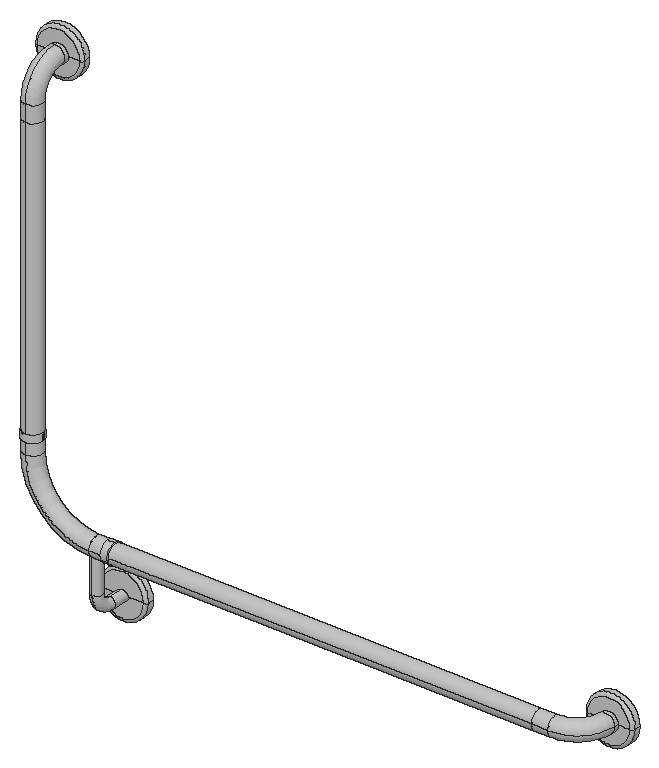
Revit family "RBA4901-911", category Plumbing Fixtures, Revit 2021
Family settings
  Round Connector Dimension = Use Diameter
  Part Type = Normal
  Work Plane-Based = No
  Always vertical = Yes
  Cut with Voids When Loaded = No
  Shared = No
  Room Calculation Point = No
Parameters
  Watermarked By = "www.rba.com.au"
  URL = "www.rba.com.au"
  R_Void [instance] = 15.00 mm
  R [instance] = 0.00 mm
  Phone Number = ""
  Modified Issue = ""
  Model = "RBA4901-911"
  Materials and Finishes = Stainless Steel Satin Finish
  Manufacturer Model = "B819436"
  Manufacturer = "RBA Group"
  Description = "Steri+Shield™ Accessible 90° Grab Rail, RH, Satin"
  Default Elevation = 0.00 mm
  Copyrighted by = "RBA Group"  # constant formula
  Assembly Code = ""
Reference planes
  plane 1 "Center (Front/Back)": y = 0
  plane 2: z = 0
  plane 3: x = 40.5
  plane 4: x = 990.5
  plane 5: x = 515.5
  plane 6: z = 700
  plane 7: x = 835.5
  plane 8: z = -100
  plane 9: x = 974.5
  plane 10: z = 16
  plane 11: y = -70
  plane 12: y = -86
  plane 13: y = -54
  plane 14: y = -79.5
  plane 15: y = -60.5
  plane 16: z = -30
  plane 17: z = 30
  plane 18: x = 1606.5
  plane 19: x = 1666.5
  plane 20: z = 670
  plane 21: z = 730
  plane 22: x = 716.5
  plane 23: x = 656.5
  plane 24: z = -130
  plane 25: z = -70
  plane 26: x = 766.5
  plane 27: x = 826.5
Forms (mm)
  Extrusion 1, solid, material "Stainless Steel Satin Finish"
    sketch origin (1636.5, -2.628, 315.907) x (0, 0, -1) y (-1, 0, 0)
      loop
        circle (315.907, 0) r 40
    from -0.219 to 2.628
  Revolve 2, solid, material "Stainless Steel Satin Finish"
    sketch origin (1636.5, 18.663, 0) x (0, -1, 0) y (1, 0, 0)
      loop
        line (18.663, 0) -> (33.701, 0) -> (32.842, 36.617)
        arc (32.842, 36.617) -> (31.337, 40.077) -> (27.844, 41.5) r 5
        line (27.844, 41.5) -> (18.663, 41.5) -> (18.663, 0)
      axis (18.663, 0) -> (33.701, 0)
    angle from 0 to 360
  Extrusion 3, void
    sketch origin (1636.5, 34.941, 315.907) x (0, 0, -1) y (-1, 0, 0)
      loop
        circle (315.907, 30) r 5
      loop
        circle (315.907, -30) r 5
    from -37.788 to -30
  Sweep 4, solid, material "Stainless Steel Satin Finish"
    path origin (1636.5, 12.454, 0) x (0, -1, 0) y (-1, 0, 0)
      loop
        line (12.454, 0) -> (34.454, 0)
        arc (34.454, 0) -> (68.395, 14.059) -> (82.454, 48) r 48
        line (82.454, 48) -> (82.454, 76)
    profile origin (1636.5, -11, 0) x (1, 0, 0) y (0, 0, 1)
      loop
        circle (0, 0) r 16
  Extrusion 5, solid, material "Stainless Steel Satin Finish"
    sketch origin (686.5, -2.628, 1015.907) x (0, 0, -1) y (-1, 0, 0)
      loop
        circle (315.907, 0) r 40
    from -0.219 to 2.628
  Extrusion 6, void
    sketch origin (686.5, 34.941, 1015.907) x (0, 0, -1) y (-1, 0, 0)
      loop
        circle (315.907, -30) r 5
      loop
        circle (315.907, 30) r 5
    from -37.788 to -30
  Sweep 7, solid, material "Stainless Steel Satin Finish"
    path origin (-13.5, 12.454, 700) x (0, -1, 0) y (0, 0, -1)
      loop
        line (12.454, 0) -> (34.454, 0)
        arc (34.454, 0) -> (68.395, 14.059) -> (82.454, 48) r 48
        line (82.454, 48) -> (82.454, 76)
    profile origin (-13.5, -11, 700) x (0, 0, -1) y (1, 0, 0)
      loop
        circle (0, 700) r 16
  Revolve 8, solid, material "Stainless Steel Satin Finish"
    sketch origin (686.5, 18.663, 700) x (0, -1, 0) y (1, 0, 0)
      loop
        line (18.663, 0) -> (18.663, -41.5) -> (27.844, -41.5)
        arc (27.844, -41.5) -> (31.337, -40.077) -> (32.842, -36.617) r 5
        line (32.842, -36.617) -> (33.701, 0) -> (18.663, 0)
      axis (18.663, 0) -> (33.701, 0)
    angle from 0 to 360
  Sweep 9, solid, material "Stainless Steel Satin Finish"
    path origin (1677, 0, 0) x (-1, 0, 0) y (0, 0, -1)
      loop
        line (116.5, 0) -> (880.5, 0)
        arc (880.5, 0) -> (958.282, -32.218) -> (990.5, -110) r 110
        line (990.5, -110) -> (990.5, -624)
    profile origin (1178.5, 0, 0) x (0, 0, -1) y (0, -1, 0)
      loop
        circle (0, 70) r 16
  Extrusion 10, solid, material "Stainless Steel Satin Finish"
    sketch origin (796.5, -2.628, 215.907) x (0, 0, -1) y (-1, 0, 0)
      loop
        circle (315.907, 0) r 40
    from -0.219 to 2.628
  Revolve 11, solid, material "Stainless Steel Satin Finish"
    sketch origin (796.5, 18.663, -100) x (0, -1, 0) y (1, 0, 0)
      loop
        line (18.663, 0) -> (33.701, 0) -> (32.842, 36.617)
        arc (32.842, 36.617) -> (31.337, 40.077) -> (27.844, 41.5) r 5
        line (27.844, 41.5) -> (18.663, 41.5) -> (18.663, 0)
      axis (18.663, 0) -> (33.701, 0)
    angle from 0 to 360
  Sweep 12, solid, material "Stainless Steel Satin Finish"
    path origin (796.5, 12.454, -100) x (0, -1, 0) y (0, 0, 1)
      loop
        line (12.454, 0) -> (54.454, 0)
        arc (54.454, 0) -> (74.253, 8.201) -> (82.454, 28) r 28
        line (82.454, 28) -> (82.454, 100)
    profile origin (796.5, -21, -100) x (0, 0, 1) y (-1, 0, 0)
      loop
        circle (0, 0) r 9.5
  Extrusion 13, void
    sketch origin (796.5, 34.941, 215.907) x (0, 0, -1) y (-1, 0, 0)
      loop
        circle (315.907, 30) r 5
      loop
        circle (315.907, -30) r 5
    from -37.788 to -30
  Extrusion 14, solid, material "Stainless Steel Satin Finish"
    sketch origin (1677, 0, 0) x (-1, 0, 0) y (0, -1, 0)
      loop
        circle (990.5, 70) r 17
    from 142 to 130
  Extrusion 15, solid, material "Stainless Steel Satin Finish"
    sketch origin (1026.5, 0, 990.5) x (0, 0, -1) y (0, -1, 0)
      loop
        circle (990.5, 70) r 17
    from 210 to 198
Cuts and joins
  Extrusion 3 cuts Extrusion 1
  Extrusion 3 cuts Revolve 2
  Extrusion 6 cuts Extrusion 5
  Extrusion 6 cuts Revolve 8
  Extrusion 13 cuts Extrusion 10
  Extrusion 13 cuts Revolve 11
  joined: Sweep 4, Sweep 7, Sweep 9
Dimensions and locks
  level to plane 8 = 100.00 mm
  plane 6 to level = 700.00 mm
  plane 4 to plane 7 = 155.00 mm
  plane 4 to plane 3 = 950.00 mm
  Revolve 2 sketch curve to Revolve 2 sketch curve = 41.50 mm
  plane 17 to plane 16 = 60.00 mm
  plane 18 to plane 19 = 60.00 mm
  plane 21 to plane 20 = 60.00 mm
  plane 23 to plane 22 = 60.00 mm
  Revolve 8 sketch curve to Revolve 8 sketch curve = 41.50 mm
  Revolve 11 sketch curve to Revolve 11 sketch curve = 41.50 mm
  plane 25 to plane 24 = 60.00 mm
  plane 26 to plane 27 = 60.00 mm
  radius of Extrusion 1 sketch curve = 40.00 mm
  radius of Sweep 4 sketch curve = 16.00 mm
  radius of Extrusion 5 sketch curve = 40.00 mm
  radius of Sweep 7 sketch curve = 16.00 mm
  radius of Extrusion 10 sketch curve = 40.00 mm
  radius of Sweep 12 sketch curve = 9.50 mm
  aligned and locked: Revolve 2 to Extrusion 1
  aligned and locked: Revolve 11 to Extrusion 10
